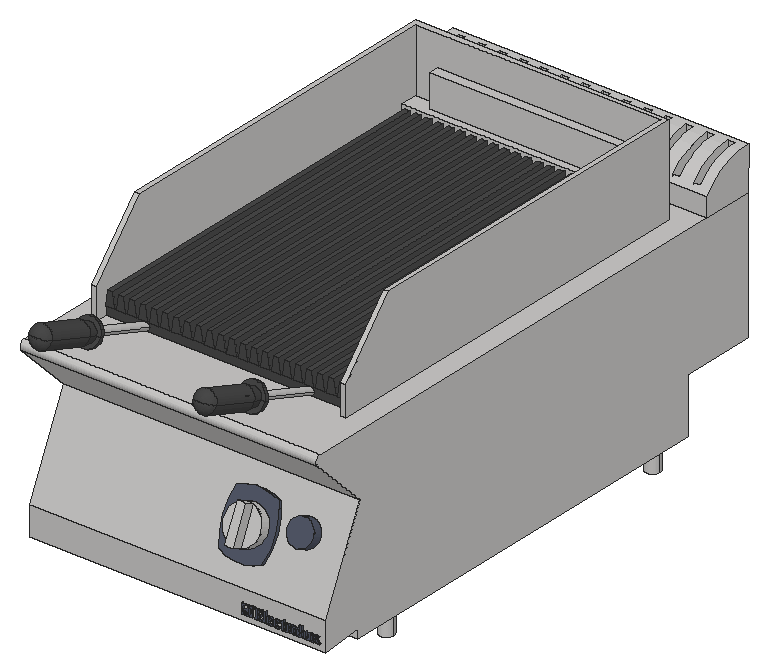
Revit family "QF_ELECTROLUXPROFESSIONAL_371044_E7GRGDLC00", category Specialty Equipment, Revit 2018 (continued)
Automatic sketch dimensions
  curve 82 to plane 5 "FRONT" = 2.361 mm
  curve 85 to curve 82 = 1.635 mm
  curve 25 to curve 92 = 3.036 mm
  curve 25 to curve 23 = 18.693 mm
  curve 22 to curve 22 = 9.296 mm
  curve 92 to curve 88 = 29.948 mm
  plane 3 "LEFT" to curve 8 = 35.025 mm
  curve 7 to curve 8 = 6.35 mm
  plane 1 "BACK" to curve 19 = 6.761 mm
  curve 20 to curve 19 = 18.693 mm
  curve 16 to curve 16 = 9.296 mm
  curve 5 to curve 1 = 150.019 mm
  curve 2 to plane 1 "BACK" = 150.019 mm
  plane 1 "BACK" to curve 59 = 6.761 mm
  plane 1 "BACK" to curve 71 = 6.761 mm
  plane 1 "BACK" to curve 55 = 6.761 mm
  plane 1 "BACK" to curve 51 = 6.761 mm
  plane 1 "BACK" to curve 20 = 6.761 mm
  plane 1 "BACK" to curve 43 = 6.761 mm
  plane 1 "BACK" to curve 28 = 6.761 mm
  plane 1 "BACK" to curve 35 = 6.761 mm
  curve 32 to curve 33 = 57.15 mm
  curve 30 to curve 33 = 0 mm
  curve 27 to curve 29 = 0 mm
  curve 34 to curve 37 = 0 mm
  curve 23 to curve 25 = 0 mm
  curve 38 to curve 41 = 0 mm
  curve 19 to curve 21 = 0 mm
  curve 42 to curve 45 = 0 mm
  curve 60 to curve 61 = 57.15 mm
  curve 46 to curve 49 = 0 mm
  curve 62 to curve 65 = 0 mm
  curve 50 to curve 53 = 0 mm
  curve 66 to curve 69 = 0 mm
  curve 54 to curve 57 = 0 mm
  curve 70 to curve 11 = 5.939 mm
  curve 18 to curve 14 = 34.624 mm
  curve 13 to curve 10 = 6.35 mm
  curve 7 to curve 92 = 2.91 mm
  curve 92 to curve 93 = 12.928 mm
  curve 90 to plane 12 = 17.353 mm
  plane 11 to curve 87 = 34.08 mm
  plane 11 to curve 83 = 34.08 mm
  curve 73 to curve 83 = 0 mm
  curve 87 to curve 86 = 0 mm  (x2)
  plane 11 to curve 8 = 47 mm
  plane 11 to curve 9 = 47 mm
  curve 86 to curve 98 = 8.717 mm
  curve 105 to curve 104 = 10.091 mm
  curve 84 to curve 82 = 10.091 mm
  curve 104 to curve 102 = 10.443 mm
  curve 82 to curve 80 = 10.443 mm
  curve 102 to curve 101 = 35.697 mm
  curve 80 to curve 79 = 35.697 mm
  curve 79 to curve 79 = 6.467 mm
  curve 101 to curve 101 = 6.467 mm
  curve 101 to curve 103 = 17.353 mm
  curve 79 to curve 81 = 17.353 mm
  Extrusion 6 sketch curve to plane 10 "TOP A" = 0 mm
  Extrusion 6 sketch curve to plane 1 "BACK" = 0 mm
  plane 1 "BACK" to Extrusion 6 sketch curve = 1.769 mm
  plane 6 "TOP" to Extrusion 6 sketch curve = 11.113 mm
  plane 1 "BACK" to Extrusion 6 sketch curve = 69.85 mm
  Extrusion 6 sketch curve to plane 10 "TOP A" = 27.4 mm
  plane 1 "BACK" to Extrusion 7 sketch curve = 6.761 mm
  plane 3 "LEFT" to Extrusion 7 sketch curve = 22.749 mm
  Extrusion 7 sketch curve to Extrusion 7 sketch curve = 9.296 mm
  Extrusion 7 sketch curve to Extrusion 7 sketch curve = 57.15 mm
  Extrusion 8 sketch curve to plane 1 "BACK" = 6.761 mm
  plane 4 "RIGHT" to Extrusion 8 sketch curve = 22.749 mm
  Extrusion 8 sketch curve to Extrusion 8 sketch curve = 9.296 mm
  Extrusion 8 sketch curve to Extrusion 8 sketch curve = 57.15 mm
  plane 1 "BACK" to Extrusion 9 sketch curve = 6.761 mm
  plane 3 "LEFT" to Extrusion 9 sketch curve = 50.737 mm
  Extrusion 9 sketch curve to Extrusion 9 sketch curve = 9.296 mm
  Extrusion 9 sketch curve to Extrusion 9 sketch curve = 57.15 mm
  plane 1 "BACK" to Extrusion 10 sketch curve = 6.761 mm
  plane 3 "LEFT" to Extrusion 10 sketch curve = 78.725 mm
  Extrusion 10 sketch curve to Extrusion 10 sketch curve = 9.296 mm
  Extrusion 10 sketch curve to Extrusion 10 sketch curve = 57.15 mm
  plane 1 "BACK" to Extrusion 18 sketch curve = 6.761 mm
  Extrusion 18 sketch curve to plane 4 "RIGHT" = 97.418 mm
  Extrusion 18 sketch curve to Extrusion 18 sketch curve = 9.296 mm
  Extrusion 18 sketch curve to Extrusion 18 sketch curve = 57.15 mm
  plane 1 "BACK" to Extrusion 19 sketch curve = 6.761 mm
  Extrusion 19 sketch curve to plane 4 "RIGHT" = 69.43 mm
  Extrusion 19 sketch curve to Extrusion 19 sketch curve = 9.296 mm
  Extrusion 19 sketch curve to Extrusion 19 sketch curve = 57.15 mm
  plane 1 "BACK" to Extrusion 20 sketch curve = 6.761 mm
  Extrusion 20 sketch curve to plane 4 "RIGHT" = 41.441 mm
  Extrusion 20 sketch curve to Extrusion 20 sketch curve = 9.296 mm
  Extrusion 20 sketch curve to Extrusion 20 sketch curve = 57.15 mm
  Sweep 21 sketch curve to plane 4 "RIGHT" = 35.025 mm
  plane 3 "LEFT" to Sweep 21 sketch curve = 35.025 mm
  Sweep 21 sketch curve to plane 12 = 42.753 mm
  plane 11 to Sweep 21 sketch curve = 47 mm  (x2)
  Sweep 21 sketch curve to plane 10 "TOP A" = 0 mm
  profile plane to Sweep 21 sketch curve = 0 mm
  profile plane to Sweep 21 sketch curve = 6.35 mm
  Extrusion 22 sketch curve to Sweep 21 = 0 mm  (x2)
  Extrusion 22 sketch curve to Sweep 21 = 73.03 mm
  Extrusion 22 sketch curve to Sweep 21 = 40.481 mm
  Sweep 21 to Extrusion 23 sketch curve = 0 mm
  Extrusion 23 sketch curve to Sweep 21 = 0 mm
  Extrusion 23 sketch curve to Sweep 21 = 73.03 mm
  Extrusion 23 sketch curve to Sweep 21 = 40.481 mm
  plane 7 "Center Y" to Extrusion 24 sketch curve = 47.221 mm
  Extrusion 24 sketch curve to plane 4 "RIGHT" = 94.428 mm
  Extrusion 24 sketch curve to Extrusion 24 sketch curve = 0 mm
  Extrusion 24 sketch curve to Extrusion 24 sketch curve = 12.3 mm  (x3)
  Extrusion 24 sketch curve to Extrusion 24 sketch curve = 34.925 mm  (x2)
  Extrusion 24 sketch curve to Extrusion 24 sketch curve = 46.691 mm
  Extrusion 24 sketch curve to plane 4 "RIGHT" = 69.314 mm
  Extrusion 24 sketch curve to Extrusion 24 sketch curve = 28.575 mm
  Extrusion 1 to Extrusion 28 sketch curve = 35.025 mm  (x2)
  Extrusion 1 to Extrusion 28 sketch curve = 130.285 mm
  Extrusion 1 to Extrusion 28 sketch curve = 93.312 mm
  Extrusion 1 to Extrusion 29 sketch curve = 36.446 mm
  Extrusion 1 to Extrusion 29 sketch curve = 107.795 mm
  Extrusion 29 sketch curve to Extrusion 29 sketch curve = 22.49 mm
  Extrusion 1 to Extrusion 29 sketch curve = 36.579 mm
  plane 3 "LEFT" to Extrusion 30 sketch curve = 88.812 mm
  Extrusion 31 sketch curve to plane 4 "RIGHT" = 88.812 mm
  Extrusion 32 sketch curve to Extrusion 29 = 0 mm
  Extrusion 32 sketch curve to Extrusion 29 = 9.562 mm
  Extrusion 32 sketch curve to Extrusion 29 = 29.948 mm
  Extrusion 32 sketch curve to Extrusion 29 = 29.815 mm
  plane 3 "LEFT" to Revolve 33 sketch curve = 88.875 mm
  Revolve 33 sketch curve to Revolve 33 sketch curve = 0.229 mm
  Revolve 33 sketch curve to Revolve 33 sketch curve = 0.429 mm
  Revolve 33 sketch curve to Revolve 33 sketch curve = 11.837 mm
  Revolve 33 sketch curve to Revolve 33 sketch curve = 2.728 mm
  Revolve 33 sketch curve to Revolve 33 sketch curve = 6.357 mm
  Revolve 33 sketch curve to Revolve 33 sketch curve = 14.082 mm
  Revolve 33 sketch curve to Revolve 33 sketch curve = 3.862 mm
  Revolve 33 sketch curve to Revolve 33 sketch curve = 15.473 mm
  Revolve 33 sketch curve to Revolve 33 sketch curve = 63.539 mm
  Revolve 33 sketch curve to Revolve 33 sketch curve = 4.679 mm
  Revolve 33 sketch curve to Revolve 33 sketch curve = 6.757 mm
  Extrusion 34 sketch curve to plane 9 "BASE" = 0 mm
  Extrusion 34 sketch curve to plane 5 "FRONT" = 65.304 mm
  Extrusion 34 sketch curve to Extrusion 34 sketch curve = 3.175 mm
  Extrusion 34 sketch curve to plane 9 "BASE" = 3.2 mm
  Extrusion 34 sketch curve to Extrusion 34 sketch curve = 20.171 mm
  level to Extrusion 34 sketch curve = 3.812 mm  (x2)
  Extrusion 34 sketch curve to plane 12 = 46.037 mm
  Extrusion 35 sketch curve to Extrusion 34 = 0 mm  (x3)
  Extrusion 34 to Extrusion 35 sketch curve = 0 mm
  Revolve 36 sketch curve to plane 4 "RIGHT" = 88.875 mm
  Revolve 36 sketch curve to Revolve 36 sketch curve = 0.229 mm
  Revolve 36 sketch curve to Revolve 36 sketch curve = 0.429 mm
  Revolve 36 sketch curve to Revolve 36 sketch curve = 11.837 mm
  Revolve 36 sketch curve to Revolve 36 sketch curve = 2.728 mm
  Revolve 36 sketch curve to Revolve 36 sketch curve = 6.357 mm
  Revolve 36 sketch curve to Revolve 36 sketch curve = 8.35 mm
  Revolve 36 sketch curve to Revolve 36 sketch curve = 2.078 mm
  Revolve 36 sketch curve to Revolve 36 sketch curve = 63.539 mm
  Revolve 36 sketch curve to Revolve 36 sketch curve = 15.473 mm
  Revolve 36 sketch curve to Revolve 36 sketch curve = 3.862 mm
  Revolve 36 sketch curve to Revolve 36 sketch curve = 14.082 mm
  Extrusion 1 to Extrusion 27 sketch curve = 53.727 mm
  Extrusion 1 to Extrusion 27 sketch curve = 52.367 mm
  curve 106 to plane 7 "Center Y" = 98.425 mm
  plane 7 "Center Y" to curve 108 = 98.425 mm
  plane 5 "FRONT" to curve 108 = 470.75 mm
  plane 5 "FRONT" to curve 108 = 81.418 mm
  plane 5 "FRONT" to curve 106 = 81.418 mm
  radius of Extrusion 25 sketch curve = 25.4 mm
  radius of Extrusion 26 sketch curve to Extrusion 25 = 0 mm  (x2)
  radius of Extrusion 2 sketch curve = 9.525 mm  (x4)
  radius of Extrusion 4 sketch curve = 6.35 mm
  radius of Extrusion 30 sketch curve = 5 mm
  radius of Extrusion 31 sketch curve = 5 mm
  radius of Extrusion 27 sketch curve = 17.78 mm
Nested families
  nested 1: "371044_QF_Electrolux_GRILL" at (36.446, -130.285, 287.338), type "371044_QF_Electrolux_GRILL"
    with Type Mark "", Specification by User "", Revision Code "", Item Number "", Installed By "", Identify Quantity as Lot yes, Furnished By "", Foodservice Equipment Identifier yes
  nested 2: "371044_QF_Electrolux_GRILL" at (350.904, -130.285, 287.338), type "371044_QF_Electrolux_GRILL"
    with Type Mark "", Specification by User "", Revision Code "", Item Number "", Installed By "", Identify Quantity as Lot yes, Furnished By "", Foodservice Equipment Identifier yes
  nested 3: "371044_QF_Electrolux_GRILL" at (51.42, -130.285, 287.338), type "371044_QF_Electrolux_GRILL"
    with Type Mark "", Specification by User "", Revision Code "", Item Number "", Installed By "", Identify Quantity as Lot yes, Furnished By "", Foodservice Equipment Identifier yes
  nested 4: "371044_QF_Electrolux_GRILL" at (66.394, -130.285, 287.338), type "371044_QF_Electrolux_GRILL"
    with Type Mark "", Specification by User "", Revision Code "", Item Number "", Installed By "", Identify Quantity as Lot yes, Furnished By "", Foodservice Equipment Identifier yes
  nested 5: "371044_QF_Electrolux_GRILL" at (81.368, -130.285, 287.338), type "371044_QF_Electrolux_GRILL"
    with Type Mark "", Specification by User "", Revision Code "", Item Number "", Installed By "", Identify Quantity as Lot yes, Furnished By "", Foodservice Equipment Identifier yes
  nested 6: "371044_QF_Electrolux_GRILL" at (96.342, -130.285, 287.338), type "371044_QF_Electrolux_GRILL"
    with Type Mark "", Specification by User "", Revision Code "", Item Number "", Installed By "", Identify Quantity as Lot yes, Furnished By "", Foodservice Equipment Identifier yes
  nested 7: "371044_QF_Electrolux_GRILL" at (111.317, -130.285, 287.338), type "371044_QF_Electrolux_GRILL"
    with Type Mark "", Specification by User "", Revision Code "", Item Number "", Installed By "", Identify Quantity as Lot yes, Furnished By "", Foodservice Equipment Identifier yes
  nested 8: "371044_QF_Electrolux_GRILL" at (126.291, -130.285, 287.338), type "371044_QF_Electrolux_GRILL"
    with Type Mark "", Specification by User "", Revision Code "", Item Number "", Installed By "", Identify Quantity as Lot yes, Furnished By "", Foodservice Equipment Identifier yes
  nested 9: "371044_QF_Electrolux_GRILL" at (141.265, -130.285, 287.338), type "371044_QF_Electrolux_GRILL"
    with Type Mark "", Specification by User "", Revision Code "", Item Number "", Installed By "", Identify Quantity as Lot yes, Furnished By "", Foodservice Equipment Identifier yes
  nested 10: "371044_QF_Electrolux_GRILL" at (156.239, -130.285, 287.338), type "371044_QF_Electrolux_GRILL"
    with Type Mark "", Specification by User "", Revision Code "", Item Number "", Installed By "", Identify Quantity as Lot yes, Furnished By "", Foodservice Equipment Identifier yes
  nested 11: "371044_QF_Electrolux_GRILL" at (171.214, -130.285, 287.338), type "371044_QF_Electrolux_GRILL"
    with Type Mark "", Specification by User "", Revision Code "", Item Number "", Installed By "", Identify Quantity as Lot yes, Furnished By "", Foodservice Equipment Identifier yes
  nested 12: "371044_QF_Electrolux_GRILL" at (186.188, -130.285, 287.338), type "371044_QF_Electrolux_GRILL"
    with Type Mark "", Specification by User "", Revision Code "", Item Number "", Installed By "", Identify Quantity as Lot yes, Furnished By "", Foodservice Equipment Identifier yes
  nested 13: "371044_QF_Electrolux_GRILL" at (201.162, -130.285, 287.338), type "371044_QF_Electrolux_GRILL"
    with Type Mark "", Specification by User "", Revision Code "", Item Number "", Installed By "", Identify Quantity as Lot yes, Furnished By "", Foodservice Equipment Identifier yes
  nested 14: "371044_QF_Electrolux_GRILL" at (216.136, -130.285, 287.338), type "371044_QF_Electrolux_GRILL"
    with Type Mark "", Specification by User "", Revision Code "", Item Number "", Installed By "", Identify Quantity as Lot yes, Furnished By "", Foodservice Equipment Identifier yes
  nested 15: "371044_QF_Electrolux_GRILL" at (231.111, -130.285, 287.338), type "371044_QF_Electrolux_GRILL"
    with Type Mark "", Specification by User "", Revision Code "", Item Number "", Installed By "", Identify Quantity as Lot yes, Furnished By "", Foodservice Equipment Identifier yes
  nested 16: "371044_QF_Electrolux_GRILL" at (246.085, -130.285, 287.338), type "371044_QF_Electrolux_GRILL"
    with Type Mark "", Specification by User "", Revision Code "", Item Number "", Installed By "", Identify Quantity as Lot yes, Furnished By "", Foodservice Equipment Identifier yes
  nested 17: "371044_QF_Electrolux_GRILL" at (261.059, -130.285, 287.338), type "371044_QF_Electrolux_GRILL"
    with Type Mark "", Specification by User "", Revision Code "", Item Number "", Installed By "", Identify Quantity as Lot yes, Furnished By "", Foodservice Equipment Identifier yes
  nested 18: "371044_QF_Electrolux_GRILL" at (276.033, -130.285, 287.338), type "371044_QF_Electrolux_GRILL"
    with Type Mark "", Specification by User "", Revision Code "", Item Number "", Installed By "", Identify Quantity as Lot yes, Furnished By "", Foodservice Equipment Identifier yes
  nested 19: "371044_QF_Electrolux_GRILL" at (291.008, -130.285, 287.338), type "371044_QF_Electrolux_GRILL"
    with Type Mark "", Specification by User "", Revision Code "", Item Number "", Installed By "", Identify Quantity as Lot yes, Furnished By "", Foodservice Equipment Identifier yes
  nested 20: "371044_QF_Electrolux_GRILL" at (305.982, -130.285, 287.338), type "371044_QF_Electrolux_GRILL"
    with Type Mark "", Specification by User "", Revision Code "", Item Number "", Installed By "", Identify Quantity as Lot yes, Furnished By "", Foodservice Equipment Identifier yes
  nested 21: "371044_QF_Electrolux_GRILL" at (320.956, -130.285, 287.338), type "371044_QF_Electrolux_GRILL"
    with Type Mark "", Specification by User "", Revision Code "", Item Number "", Installed By "", Identify Quantity as Lot yes, Furnished By "", Foodservice Equipment Identifier yes
  nested 22: "371044_QF_Electrolux_GRILL" at (335.93, -130.285, 287.338), type "371044_QF_Electrolux_GRILL"
    with Type Mark "", Specification by User "", Revision Code "", Item Number "", Installed By "", Identify Quantity as Lot yes, Furnished By "", Foodservice Equipment Identifier yes
Connectors
  piping at (347.663, -98.425, 57.718), diameter 12.7
    settings: on Extrusion 4, index 1, connector inside diameter 1/2", connector length 0 mm, flow factor 0, pipe flow 0 GPM, pressure drop 0.00 psi, fitting loss kfactor 0, connector angle 0.00°, fixture units 0, engagement length 0 mm, angle of deflection 0.00°, flow configuration 1, flow direction 1, fitting loss method 0, system type 7, joint type 0, gender type 0, connector reference index -1, connector utility 0, adjustable connector no, is connector primary yes, connector description "Gas Connection"
Definition of nested family "371044_QF_Electrolux_GRILL"
  Parameters
    Weight in Pounds = 0
    URL Cutsheet = ""
    URL = ""
    Type Mark [instance] = ""
    Specification by User [instance] = ""
    Specification by Manufacturer = ""
    Serial Number = ""
    Seismic Rating = ""
    SMACNA No = ""
    Revision Code [instance] = ""
    Omniclass Number and Title = ""
    NAFEM Spec ID Number = ""
    Model = ""
    Masterspec = ""
    Manufacturer = ""
    Item Number [instance] = ""
    Installed By [instance] = ""
    Identify Quantity as Lot [instance] = yes
    Furnished By [instance] = ""
    Foodservice Equipment Identifier [instance] = yes
    Description = ""
    CSI MasterFormat = ""
    CSI Master Format = ""
    Assembly Code = ""
  Reference planes
    plane 1 "BACK": y = 0
    plane 2: z = 0
    plane 3 "LEFT": x = 0
    plane 4 "RIGHT": x = 12.7
    plane 5 "FRONT": y = -501.68
    plane 6 "TOP": z = 19.576
    plane 7 "Center Y": x = 6.35
    plane 8 "Center X": y = -250.84
    plane 9: y = -147.637
  Forms (mm)
    Extrusion 1, solid
      sketch origin (-1.421, -501.68, -12.7) x (1, 0, 0) y (0, 0, 1)
        loop
          line (1.421, 12.7) -> (14.121, 12.7) -> (11.081, 32.276) -> (4.46, 32.276) -> (1.421, 12.7)
      from 0 to -501.68
  Dimensions and locks
    equal spacing: plane 3 "LEFT", plane 7 "Center Y", plane 4 "RIGHT"
    plane 3 "LEFT" to plane 4 "RIGHT" = 12.7 mm
    equal spacing: plane 5 "FRONT", plane 8 "Center X", plane 1 "BACK"
    plane 5 "FRONT" to plane 1 "BACK" = 501.68 mm
    plane 6 "TOP" to level = 19.576 mm
    plane 1 "BACK" to plane 5 "FRONT" = 501.68 mm
    aligned and locked: level to plane 2
  Automatic sketch dimensions
    Extrusion 1 sketch curve to level = 0 mm
    Extrusion 1 sketch curve to plane 3 "LEFT" = 0 mm
    Extrusion 1 sketch curve to plane 6 "TOP" = 0 mm
    Extrusion 1 sketch curve to plane 4 "RIGHT" = 0 mm
    plane 3 "LEFT" to Extrusion 1 sketch curve = 3.039 mm
    Extrusion 1 sketch curve to plane 4 "RIGHT" = 3.039 mm
